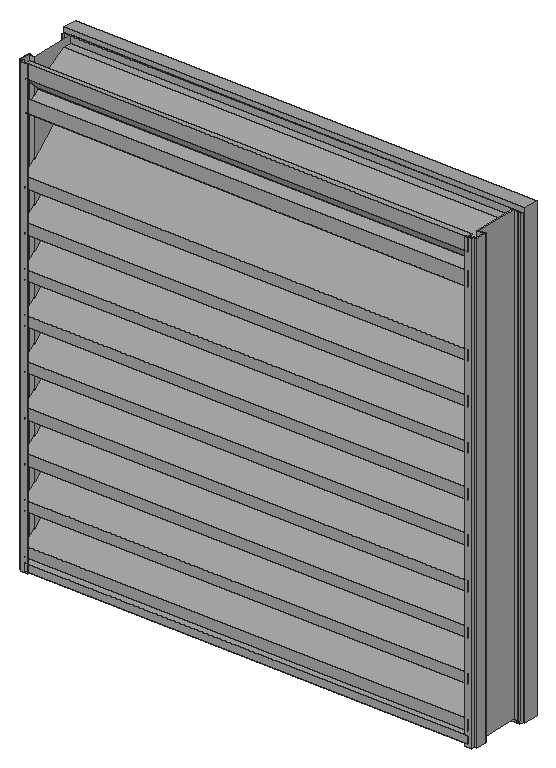
Revit family
Parameters (values of type "655XP")
  Weight = ""
  Warranty = "All materials and workmanship are warranted for a period of 1 year from date of completion."  # constant formula
  URL = "http://www.industriallouvers.com"
  Surface Finish = "Aluminum, Anodized, or Kynar finish"  # constant formula
  Support Material = Aluminum
  Subcategory = "Fixed Extruded Non-Drainable "  # constant formula
  Static Pressure Loss = ".15” of water gage @ an air flow of 883.1 FPM free area velocity"  # constant formula
  Specifications  URL = "http://www.industriallouvers.com/downloads/Extruded%20Non-Drainable/655XP_SD.doc"
  Screen Material = Screen Material
  SMARTBIM URL = "http://www.SMARTBIM.com"
  SMARTBIM Object Version = 3  # constant formula
  SMARTBIM Object Created By = "SMARTBIM, LLC"  # constant formula
  SMARTBIM Contact = "mailto:SMARTBIM@SMARTBIM.com"
  Product Submittal URL = "http://www.industriallouvers.com/downloads/Extruded%20Non-Drainable/655XP_PS.pdf"
  Product Page URL = "http://www.industriallouvers.com/lv_fend.php"
  Number of Blades [instance] = (Louver Height - 0' 5 1/2") / 0' 5"  # 9
  Model = "655XP"  # constant formula
  Minimum Height = 1' - 0"  # constant formula
  Maximum Water Penetration = ".01 oz at an air flow of 1028.1 FPM"  # constant formula
  Maximum Size - Single Section [instance] = "One dimension not to exceed 72\" x 120\""
  Material = "Extruded aluminum, 6063-T6"  # constant formula
  Manufacturer Toll Free Phone = "1-800-328-3421"  # constant formula
  Manufacturer Phone = "763-972-2981"  # constant formula
  Manufacturer Fax = "763-972-2911"  # constant formula
  Manufacturer Email = "mailto:ilinfo@industriallouvers.com"
  Manufacturer Address = "511 S. 7th Street, Delano, MN 55328"  # constant formula
  Manufacturer = "Industrial Louvers, Inc."  # constant formula
  Maintenance = "http://www.industriallouvers.com/prod-forms/Maintenance%20Instructions.pdf"
  Louver Width [instance] = 4' - 0"
  Louver Height [instance] = 4' - 0"
  Installation URL = "http://www.industriallouvers.com/downloads/Extruded%20Non-Drainable/655XP_II.pdf"
  Height [instance] = if(Louver Height < 1' 0", 1' 0", Louver Height)  # 4' - 0"
  Free Area for 48”x48” Louver = "51%"  # constant formula
  Free Area (ft²) for 48" x 48" Louver = "8.16"  # constant formula
  Frame Material = Aluminum
  Description = "Fixed Extruded Non-Drainable "  # constant formula
  Depth = 0' - 4"  # constant formula
  Default Elevation = 4' - 0"
  Cost Info = "Contact Factory"  # constant formula
  CAD Drawings = "http://www.industriallouvers.com/downloads/Extruded%20Non-Drainable/655XP_ACD.dwg"
  Blade Width [instance] = Louver Width - 0' 1 1/2"  # 3' - 10 1/2"
  Blade Start Height [instance] = (Louver Height - 0' 4 1/2" - Blade Region Height) / 2  # 0' - 1 3/4"
  Blade Region Height [instance] = (Blade Count - 1) * 0' 5"  # 3' - 4"
  Blade Material = Aluminum
  Blade Count [instance] = if(((Louver Height - 0' 5 1/2") / 0' 5") < 2, 2, (Louver Height - 0' 5 1/2") / 0' 5")  # 9
  Assembly Code = "B2010300"
  95 CSI = "10200"  # constant formula
  04 CSI = "08 91 00"  # constant formula
Reference planes (in)
  plane 1 "Center (Front/Back)": y = 0
  plane 2: z = 0
  plane 3 "Center (Left/Right)": x = 0
  plane 4: x = -24
  plane 5: x = 24
  plane 6: x = -23.25
  plane 7: x = 23.25
  plane 8 "Back of Blade": y = 2
  plane 9: z = 1.75
  plane 10: z = 41.75
  plane 11: z = 48.5
  plane 12 "Back of Screen": y = 2.345
  plane 13: z = 47
  plane 14: z = 1.5
  plane 15: y = 2.47
  plane 16: z = 48.375
  plane 17: z = 0.125
  plane 18: y = 3.845
  plane 19 "Front of Louver": y = -2
  plane 20: z = 48.25
  plane 21: z = 0.25
  plane 22: z = 21.75
  plane 23: x = -24.25
  plane 24: x = 24.25
  plane 25: z = 48
Forms (in)
  Extrusion 1, solid, material "Aluminum" <- "Blade Material"
    sketch origin (0, -24, 12.25956) x (0, 1, 0) y (0, 0, 1)
      loop
        line (26, 35.24044) -> (26, 35.99044) -> (25.919, 35.99044) -> (25.919, 35.32144) -> (24.97833, 35.32144) -> (22.79414, 34.0623) -> (21.70257, 32.98342) -> (20.162, 34.52399) -> (20.162, 35.90944) -> (20.581, 35.90944) -> (20.581, 35.99044) -> (20.081, 35.99044) -> (20.081, 34.49044) -> (21.6268, 32.94464)
        arc (21.6268, 32.94464) -> (21.63588, 32.92272) -> (21.6268, 32.9008) r 0.031
        line (21.6268, 32.9008) -> (20.21492, 31.48891)
        arc (20.21492, 31.48891) -> (20.18114, 31.48219) -> (20.162, 31.51083) r 0.031
        line (20.162, 31.51083) -> (20.162, 32.65944) -> (20.081, 32.74044) -> (20.081, 31.27665)
        arc (20.081, 31.27665) -> (20.09026, 31.2628) -> (20.10661, 31.26605) r 0.015
        line (20.10661, 31.26605) -> (22.03454, 33.19399) -> (22.83214, 33.9911) -> (25.00268, 35.24044) -> (26, 35.24044)
    from -23.25 to 23.25
  Sweep 2, solid, material "Aluminum" <- "Support Material"
    path origin (0, 0, 0) x (1, 0, 0) y (0, 0, 1)
      loop
        line (-24.25, 48.5) -> (-24.25, 0) -> (24.25, 0) -> (24.25, 48.5) -> (-24.25, 48.5)
    profile origin (0, 0, 48.5) x (0, 0, 1) y (0, -1, 0)
      loop
        line (-1.5, -2.345) -> (-1.5, -2.47) -> (-0.125, -2.47) -> (-0.125, -3.845) -> (0, -3.845) -> (0, -2.345) -> (-1.5, -2.345)
  Extrusion 3, solid, material "Aluminum" <- "Frame Material"
    sketch origin (-10, 22.75594, 29.61826) x (1, 0, 0) y (0, 1, 0)
      loop
        line (33.331, -20.83694) -> (33.919, -20.83694) -> (33.919, -21.00594) -> (34, -21.00594) -> (34, -20.75594) -> (33.25, -20.75594) -> (33.25, -25.46894) -> (33.919, -25.46894) -> (33.919, -26.42494) -> (33.669, -26.42494) -> (33.669, -26.67494) -> (33, -26.67494) -> (33, -26.75594) -> (33.75, -26.75594) -> (33.75, -26.50594) -> (34, -26.50594) -> (34, -25.32994)
        arc (34, -25.32994) -> (33.97, -25.29994) -> (33.94, -25.32994) r 0.03
        line (33.94, -25.32994) -> (33.94, -25.38794) -> (33.331, -25.38794) -> (33.331, -20.83694)
    from -29.36826 to 18.63174
  Extrusion 4, solid, material "Aluminum" <- "Frame Material"
    sketch origin (10, -22.75594, 29.61826) x (-1, 0, 0) y (0, -1, 0)
      loop
        line (33.331, -24.67494) -> (33.331, -20.12394) -> (33.94, -20.12394) -> (33.94, -20.18194)
        arc (33.94, -20.18194) -> (33.97, -20.21194) -> (34, -20.18194) r 0.03
        line (34, -20.18194) -> (34, -19.00594) -> (33.75, -19.00594) -> (33.75, -18.75594) -> (33, -18.75594) -> (33, -18.83694) -> (33.669, -18.83694) -> (33.669, -19.08694) -> (33.919, -19.08694) -> (33.919, -20.04294) -> (33.25, -20.04294) -> (33.25, -24.75594) -> (34, -24.75594) -> (34, -24.50594) -> (33.919, -24.50594) -> (33.919, -24.67494) -> (33.331, -24.67494)
    from -29.36826 to 18.63174
  Extrusion 5, solid, material "Aluminum" <- "Blade Material"
    sketch origin (0, 0, 0) x (0, 1, 0) y (0, 0, 1)
      loop
        line (1.919, 1.33599) -> (-4, 1.25) -> (-4, 0.5) -> (-3.75, 0.5) -> (-3.75, 0.25) -> (-3.25, 0.25) -> (-3.25, 0.331) -> (-3.669, 0.331) -> (-3.669, 0.581) -> (-3.919, 0.581) -> (-3.919, 1.18785) -> (1.47584, 1.13339) -> (1.919, 1.25213) -> (1.919, 0.331) -> (1.75, 0.331) -> (1.75, 0.25) -> (2, 0.25) -> (2, 4.96379)
        arc (2, 4.96379) -> (1.99074, 4.97764) -> (1.97439, 4.97439) r 0.015
        line (1.97439, 4.97439) -> (1.64645, 4.64645) -> (1.761, 4.64645) -> (1.86608, 4.75153)
        arc (1.86608, 4.75153) -> (1.89986, 4.75825) -> (1.919, 4.72961) r 0.031
        line (1.919, 4.72961) -> (1.919, 1.33599)
    from -23.25 to 23.25
Cuts and joins
  joined: Extrusion 3, Extrusion 4
Dimensions and locks (in)
  equal spacing: plane 4, plane 3 "Center (Left/Right)", plane 5
  "Louver Width": plane 4 to plane 5
  locked: plane 4 to plane 6 at 0.75
  locked: plane 7 to plane 5 at 0.75
  "Blade Start Height": plane 9 to level
  "Louver Height": plane 20 to plane 21
  locked: plane 18 to plane 12 "Back of Screen" at 1.5
  locked: plane 15 to plane 12 "Back of Screen" at 0.125
  locked: plane 11 to plane 13 at 1.5
  locked: plane 11 to plane 16 at 0.125
  locked: plane 17 to level at 0.125
  locked: plane 14 to level at 1.5
  locked: plane 12 "Back of Screen" to plane 8 "Back of Blade" at 0.345
  equal spacing: plane 8 "Back of Blade", plane 1 "Center (Front/Back)", plane 19 "Front of Louver"
  locked: plane 8 "Back of Blade" to plane 19 "Front of Louver" at 4
  locked: plane 11 to plane 20 at 0.25
  locked: plane 21 to level at 0.25
  equal spacing: group 1, group 3, group 4, group 5, group 6, group 7, group 8, group 9, group 2  (x3)
  locked: plane 23 to plane 4 at 0.25
  locked: plane 5 to plane 24 at 0.25
  equal spacing: plane 10, plane 22, plane 9
  locked: plane 11 to plane 25 at 0.5
  "Blade Region Height": plane 10 to plane 9
  aligned and locked: Sweep 2 sketch curve to plane 11
  aligned and locked: Sweep 2 sketch curve to level
  aligned and locked: Sweep 2 to plane 12 "Back of Screen"
  aligned and locked: nested 1 to plane 12 "Back of Screen"
  aligned and locked: nested 1 to plane 8 "Back of Blade"
  aligned and locked: nested 1 to level
  aligned and locked: plane 5 to Extrusion 3
  aligned and locked: Extrusion 4 to plane 4
  aligned: plane 11 to Extrusion 3
  aligned: Extrusion 1 to plane 20
  aligned: Extrusion 1 to plane 8 "Back of Blade"
  aligned and locked: Extrusion 1 to plane 6
  aligned and locked: plane 7 to Extrusion 1
  aligned: Extrusion 3 to level
  aligned: Extrusion 4 to level
  aligned: plane 11 to Extrusion 4
  aligned and locked: plane 3 "Center (Left/Right)" to nested 2
  aligned and locked: nested 2 to plane 8 "Back of Blade"
  aligned and locked: plane 9 to nested 2
  aligned: plane 10 to nested 3
  aligned: plane 3 "Center (Left/Right)" to nested 1
  aligned and locked: cut or joined group of Extrusion 3, Extrusion 4 to plane 20  (x2)
  aligned and locked: plane 21 to cut or joined group of Extrusion 3, Extrusion 4  (x2)
  aligned and locked: plane 23 to Sweep 2 sketch curve
  aligned and locked: plane 24 to Sweep 2 sketch curve
  aligned and locked: plane 25 to nested 1
  aligned and locked: plane 5 to nested 1
  aligned and locked: nested 1 to plane 4
  aligned and locked: plane 10 to nested 3
  aligned and locked: plane 7 to Extrusion 5
  aligned and locked: Extrusion 5 to plane 6
Automatic sketch dimensions
  Extrusion 3 sketch curve to Extrusion 3 sketch curve = 0' - 0.081"  (x7)
  Extrusion 3 sketch curve to Extrusion 3 sketch curve = 0' - 0.169"  (x3)
  Extrusion 3 sketch curve to Extrusion 3 sketch curve = 0' - 0.588"
  Extrusion 3 sketch curve to Extrusion 3 sketch curve = 0' - 0.021"
  Extrusion 3 sketch curve to Extrusion 3 sketch curve = 0' - 0.03"
  Extrusion 3 sketch curve to Extrusion 3 sketch curve = 0' - 0.956"
  Extrusion 3 sketch curve to Extrusion 3 sketch curve = 0' - 0.058"
  Extrusion 3 sketch curve to Extrusion 3 sketch curve = 0' - 4.324"
  Extrusion 3 sketch curve to Extrusion 3 sketch curve = 0' - 0 1/4"
  Extrusion 3 sketch curve to Extrusion 3 sketch curve = 0' - 0.669"
  Extrusion 4 sketch curve to Extrusion 4 sketch curve = 0' - 0.081"  (x7)
  Extrusion 4 sketch curve to Extrusion 4 sketch curve = 0' - 0.169"  (x3)
  Extrusion 4 sketch curve to Extrusion 4 sketch curve = 0' - 0.588"
  Extrusion 4 sketch curve to Extrusion 4 sketch curve = 0' - 0.021"
  Extrusion 4 sketch curve to Extrusion 4 sketch curve = 0' - 0.03"
  Extrusion 4 sketch curve to Extrusion 4 sketch curve = 0' - 0.956"
  Extrusion 4 sketch curve to Extrusion 4 sketch curve = 0' - 0.058"
  Extrusion 4 sketch curve to Extrusion 4 sketch curve = 0' - 4.324"
  Extrusion 4 sketch curve to Extrusion 4 sketch curve = 0' - 0 1/4"
  Extrusion 4 sketch curve to Extrusion 4 sketch curve = 0' - 0.669"
  profile plane to Sweep 2 sketch curve = 0' - 0"
  Sweep 2 sketch curve to Sweep 2 sketch curve = 0' - 0 1/8"  (x2)
  Sweep 2 sketch curve to Sweep 2 sketch curve = 0' - 1 3/8"  (x2)
  Sweep 2 sketch curve to plane 1 "Center (Front/Back)" = 0' - 3.845"
  plane 19 "Front of Louver" to Extrusion 3 sketch curve = 0' - 2"
  Extrusion 3 sketch curve to plane 7 = 0' - 0"
  plane 19 "Front of Louver" to Extrusion 4 sketch curve = 0' - 2"
  Extrusion 4 sketch curve to plane 6 = 0' - 0"
  Extrusion 1 sketch curve to Extrusion 1 sketch curve = 0' - 0.015"
  Extrusion 1 sketch curve to Extrusion 1 sketch curve = 0' - 0.01061"
  Extrusion 1 sketch curve to plane 8 "Back of Blade" = 0' - 0"
  Extrusion 1 sketch curve to Extrusion 1 sketch curve = 0' - 1.38279"
  Extrusion 1 sketch curve to plane 13 = 0' - 0.74934"
  plane 25 to Extrusion 1 sketch curve = 0' - 0 1/2"
  Extrusion 1 sketch curve to plane 13 = 0' - 0 1/4"
  Extrusion 1 sketch curve to plane 13 = 0' - 0.21645"
  Extrusion 1 sketch curve to Extrusion 1 sketch curve = 0' - 0.05292"
  Extrusion 1 sketch curve to Extrusion 1 sketch curve = 0' - 0"  (x4)
  Extrusion 1 sketch curve to Extrusion 1 sketch curve = 0' - 0.21226"
  Extrusion 1 sketch curve to Extrusion 1 sketch curve = 0' - 0.02192"  (x2)
  Extrusion 1 sketch curve to Extrusion 1 sketch curve = 0' - 0.04384"
  Extrusion 1 sketch curve to Extrusion 1 sketch curve = 0' - 0.02435"
  Extrusion 1 sketch curve to Extrusion 1 sketch curve = 0' - 0.081"  (x3)
  plane 20 to Extrusion 1 sketch curve = 0' - 0.081"
  Extrusion 1 sketch curve to Extrusion 1 sketch curve = 0' - 0.419"
  plane 20 to Extrusion 1 sketch curve = 0' - 0"  (x2)
  Extrusion 1 sketch curve to plane 8 "Back of Blade" = 0' - 0.081"
  Extrusion 1 sketch curve to Extrusion 1 sketch curve = 0' - 0.94067"
  plane 25 to Extrusion 1 sketch curve = 0' - 0.419"
  Extrusion 1 sketch curve to plane 19 "Front of Louver" = 0' - 0.03454"
  Extrusion 1 sketch curve to Extrusion 1 sketch curve = 0' - 0.24136"
  Extrusion 1 sketch curve to Extrusion 1 sketch curve = 0' - 0.24935"
  Extrusion 1 sketch curve to Extrusion 1 sketch curve = 0' - 0.038"
  Extrusion 1 sketch curve to Extrusion 1 sketch curve = 0' - 0.0712"
  Extrusion 1 sketch curve to Extrusion 1 sketch curve = 0' - 0.03879"
  plane 19 "Front of Louver" to Extrusion 1 sketch curve = 0' - 0.29743"
  Extrusion 1 sketch curve to Extrusion 1 sketch curve = 0' - 0.07576"
  plane 19 "Front of Louver" to Extrusion 1 sketch curve = 0' - 1.419"
  Extrusion 1 sketch curve to plane 19 "Front of Louver" = 0' - 0.79414"
  Extrusion 1 sketch curve to Extrusion 1 sketch curve = 0' - 0.79711"
  Extrusion 5 sketch curve to Extrusion 5 sketch curve = 0' - 0.081"  (x4)
  Extrusion 5 sketch curve to plane 8 "Back of Blade" = 0' - 0.13392"
  Extrusion 5 sketch curve to Extrusion 5 sketch curve = 0' - 0.10508"  (x2)
  Extrusion 5 sketch curve to Extrusion 5 sketch curve = 0' - 0.11455"
  Extrusion 5 sketch curve to plane 14 = 0' - 0.31215"
  Extrusion 5 sketch curve to plane 21 = 0' - 0.081"  (x2)
  plane 19 "Front of Louver" to Extrusion 5 sketch curve = 0' - 1 1/4"
  Extrusion 5 sketch curve to Extrusion 5 sketch curve = 0' - 0.419"
  Extrusion 5 sketch curve to plane 14 = 0' - 0 1/4"
  Extrusion 5 sketch curve to plane 9 = 0' - 0.61661"
  Extrusion 5 sketch curve to plane 9 = 0' - 0.41401"
  plane 9 to Extrusion 5 sketch curve = 0' - 2.89645"
  Extrusion 5 sketch curve to plane 8 "Back of Blade" = 0' - 0.02561"
  Extrusion 5 sketch curve to Extrusion 5 sketch curve = 0' - 0.22287"
  Extrusion 5 sketch curve to plane 8 "Back of Blade" = 0' - 0.015"
  Extrusion 5 sketch curve to Extrusion 5 sketch curve = 0' - 0.031"
  Extrusion 5 sketch curve to plane 8 "Back of Blade" = 0' - 0"
  Extrusion 5 sketch curve to plane 8 "Back of Blade" = 0' - 0.081"
  Extrusion 5 sketch curve to Extrusion 5 sketch curve = 0' - 0.08386"
  Extrusion 5 sketch curve to Extrusion 5 sketch curve = 0' - 0.169"
  plane 21 to Extrusion 5 sketch curve = 0' - 0"
  Extrusion 5 sketch curve to Extrusion 5 sketch curve = 0' - 0 1/4"  (x2)
  Extrusion 5 sketch curve to Extrusion 5 sketch curve = 0' - 0.44316"
  Extrusion 5 sketch curve to plane 21 = 0' - 0"
Nested families (in)
  nested 1: "Louver Screen" at (18, 2, 0), type "Louver Screen"
    with Width 4' - 0", Height 4' - 0", Depth 0' - 0.345"
  nested 2: "Louver-Blade_450XP_IndustrialLouver" at (0, 2, 1.75), type "Louver-Blade_450XP_IndustrialLouver"
  nested 3: "Louver-Blade_450XP_IndustrialLouver" at (0, 2, 36.56731), type "Louver-Blade_450XP_IndustrialLouver"
  nested 4: "Louver-Blade_450XP_IndustrialLouver" at (0, 2, 6.10216), type "Louver-Blade_450XP_IndustrialLouver"
  nested 5: "Louver-Blade_450XP_IndustrialLouver" at (0, 2, 10.45433), type "Louver-Blade_450XP_IndustrialLouver"
  nested 6: "Louver-Blade_450XP_IndustrialLouver" at (0, 2, 14.80649), type "Louver-Blade_450XP_IndustrialLouver"
  nested 7: "Louver-Blade_450XP_IndustrialLouver" at (0, 2, 19.15865), type "Louver-Blade_450XP_IndustrialLouver"
  nested 8: "Louver-Blade_450XP_IndustrialLouver" at (0, 2, 23.51082), type "Louver-Blade_450XP_IndustrialLouver"
  nested 9: "Louver-Blade_450XP_IndustrialLouver" at (0, 2, 27.86298), type "Louver-Blade_450XP_IndustrialLouver"
  nested 10: "Louver-Blade_450XP_IndustrialLouver" at (0, 2, 32.21514), type "Louver-Blade_450XP_IndustrialLouver"
Connectors (in)
  hvac at (0, 2.345, 24), driven by "Louver Height", driven by "Louver Width"
    settings: on nested 1, index 1, duct flow 0 CFM, flow factor 0, pres drop 0.00 in-wg, loss coef 0, conn angle 0.00°, conn width 48", conn height 48", conn radius 12", duct sys type 1, conn prof type 1, flow config 0, flow direction 0, loss method 0, conn ref index -1, conn util no, is conn primary yes, conn desc ""
Definition of nested family "Louver Screen"
  Parameters (values of type "Louver Screen")
    Width [instance] = 2' - 0"
    Screen Frame = Aluminum
    Screen = Screen Material
    Height [instance] = 2' - 0"
    Depth [instance] = 0' - 0 115/256"
    Assembly Code = ""
  Reference planes (in)
    plane 1 "Front": y = 0
    plane 2: z = 0
    plane 3 "Center (Left/Right)": x = -18
    plane 4: x = -30
    plane 5: x = -6
    plane 6: z = 24
    plane 7: x = -29.25
    plane 8: x = -6.75
    plane 9: z = 23.25
    plane 10: z = 0.75
    plane 11 "Back": y = 0.44922
    plane 12 "Center (Front/Back)": y = 0.22461
    plane 13: y = 0.19336
    plane 14: y = 0.25586
  Forms (in)
    Sweep 1, solid, material "Aluminum" <- "Screen Frame"
      path origin (0, 0, 0) x (1, 0, 0) y (0, 0, 1)
        loop
          line (-30, 24) -> (-30, 0) -> (-6, 0) -> (-6, 24) -> (-30, 24)
      profile origin (-18, 0, 24) x (0, 0, 1) y (0, -1, 0)
        loop
          line (0, 0) -> (-0.75, 0) -> (-0.75, -0.44922) -> (0, -0.44922) -> (0, 0)
    Extrusion 2, solid, material "Screen Material" <- "Screen"
      sketch origin (0, 0, 0) x (1, 0, 0) y (0, 0, 1)
        loop
          line (-29.25, 0.75) -> (-6.75, 0.75) -> (-6.75, 23.25) -> (-29.25, 23.25) -> (-29.25, 0.75)
      from -0.19336 to -0.25586
  Dimensions and locks (in)
    equal spacing: plane 4, plane 3 "Center (Left/Right)", plane 5
    "Width": plane 4 to plane 5
    locked: Sweep 1 sketch curve to Sweep 1 sketch curve at 0.75
    locked: plane 6 to plane 9 at 0.75
    locked: plane 4 to plane 7 at 0.75
    locked: plane 5 to plane 8 at 0.75
    locked: plane 10 to level at 0.75
    "Depth": plane 1 "Front" to plane 11 "Back"
    equal spacing: plane 1 "Front", plane 12 "Center (Front/Back)", plane 11 "Back"
    plane 14 to plane 12 "Center (Front/Back)" to plane 13 = 0' - 0 1/32" locked, 0' - 0 1/32" locked
    "Height": plane 6 to plane 2
    aligned and locked: Sweep 1 sketch curve to plane 6
    aligned and locked: Sweep 1 sketch curve to plane 4
    aligned and locked: Sweep 1 sketch curve to level
    aligned and locked: Sweep 1 sketch curve to plane 5
    aligned and locked: Extrusion 2 sketch curve to plane 7
    aligned and locked: Extrusion 2 sketch curve to plane 9
    aligned and locked: Extrusion 2 sketch curve to plane 10
    aligned and locked: Extrusion 2 sketch curve to plane 8
    aligned and locked: plane 11 "Back" to Sweep 1
    aligned and locked: plane 1 "Front" to Sweep 1 sketch curve
    aligned and locked: plane 11 "Back" to Sweep 1 sketch curve
    aligned and locked: plane 14 to Extrusion 2
    aligned and locked: Extrusion 2 to plane 13
    aligned and locked: plane 2 to level
  Automatic sketch dimensions
    profile plane to Sweep 1 sketch curve = 0' - 0"
Definition of nested family "Louver-Blade_450XP_IndustrialLouver"
  Parameters (values of type "Louver-Blade_450XP_IndustrialLouver")
    Width = 3' - 10 1/2"
    Blade Material = Aluminum
    Assembly Code = ""
  Reference planes (in)
    plane 1 "Center (Front/Back)": y = 0
    plane 2: z = 0
    plane 3 "Center (Left/Right)": x = 0
    plane 4: x = -23.25
    plane 5: x = 23.25
    plane 6: z = 5.18269
    plane 7: z = 2.59135
  Forms (in)
    Extrusion 1, solid, material "Aluminum" <- "Blade Material"
      sketch origin (0, 0, 0) x (0, 1, 0) y (0, 0, 1)
        loop
          line (-0.081, 6.86408) -> (-2.25542, 4.90622) -> (-2.25542, 4.79722) -> (-2.13042, 4.90977) -> (-2.13042, 4.55952) -> (-6, 1.07534) -> (-6, 0.00039) -> (-5.919, 0.08139) -> (-5.919, 1.03928) -> (-2.04942, 4.52346) -> (-2.04942, 4.9827) -> (0, 6.82801) -> (0, 7.50081) -> (-0.3347, 7.16611) -> (-0.22015, 7.16611) -> (-0.081, 7.30526) -> (-0.081, 6.86408)
      from -23.25 to 23.25
  Dimensions and locks (in)
    equal spacing: plane 4, plane 3 "Center (Left/Right)", plane 5
    "Width": plane 4 to plane 5
    locked: plane 6 to level at 5.18269
    equal spacing: plane 6, plane 7, level
    aligned and locked: Extrusion 1 to plane 4
    aligned and locked: plane 5 to Extrusion 1
  Automatic sketch dimensions
    level to Extrusion 1 sketch curve = 0' - 0.00039"
    Extrusion 1 sketch curve to Extrusion 1 sketch curve = 0' - 0.081"  (x3)
    Extrusion 1 sketch curve to plane 6 = 0' - 0.38547"
    Extrusion 1 sketch curve to plane 6 = 0' - 0.27648"
    Extrusion 1 sketch curve to plane 6 = 0' - 0.27292"
    Extrusion 1 sketch curve to Extrusion 1 sketch curve = 0' - 0 1/8"
    Extrusion 1 sketch curve to plane 6 = 0' - 0.62317"
    Extrusion 1 sketch curve to plane 6 = 0' - 0.65923"
    Extrusion 1 sketch curve to plane 6 = 0' - 0.19999"
    Extrusion 1 sketch curve to Extrusion 1 sketch curve = 0' - 0.11455"
    Extrusion 1 sketch curve to Extrusion 1 sketch curve = 0' - 0.13915"  (x2)
    plane 1 "Center (Front/Back)" to Extrusion 1 sketch curve = 0' - 0.081"
    plane 1 "Center (Front/Back)" to Extrusion 1 sketch curve = 0' - 0"
    level to Extrusion 1 sketch curve = 0' - 0.08139"
    Extrusion 1 sketch curve to Extrusion 1 sketch curve = 0' - 0.95789"
    Extrusion 1 sketch curve to Extrusion 1 sketch curve = 0' - 0.03606"  (x2)
    plane 6 to Extrusion 1 sketch curve = 0' - 1.64532"
    Extrusion 1 sketch curve to Extrusion 1 sketch curve = 0' - 0.30203"
    Extrusion 1 sketch curve to Extrusion 1 sketch curve = 0' - 0.19555"
    plane 1 "Center (Front/Back)" to Extrusion 1 sketch curve = 0' - 2.25542"
    Extrusion 1 sketch curve to Extrusion 1 sketch curve = 0' - 3.78858"
    Extrusion 1 sketch curve to Extrusion 1 sketch curve = 0' - 0"
